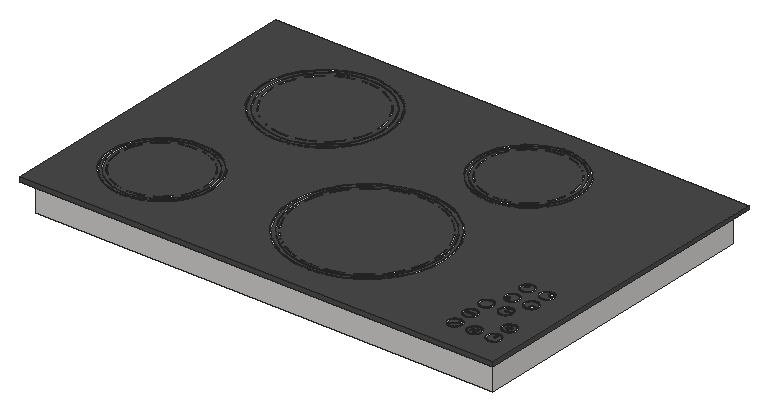
Revit family "QF_Summit_CR4B30T11B_Electric Cooktop", category Specialty Equipment, Revit 2020 (continued)
Automatic sketch dimensions
  Extrusion 1 sketch curve to Extrusion 1 sketch curve = 0.01959"
  Extrusion 1 sketch curve to Extrusion 1 sketch curve = 0.02224"  (x2)
  plane 8 "Center X" to Extrusion 1 sketch curve = 1.81976"
  Extrusion 1 sketch curve to Extrusion 1 sketch curve = 0.36753"
  plane 8 "Center X" to Extrusion 1 sketch curve = 1.84659"
  Extrusion 1 sketch curve to plane 10 = 1.74025"
  Extrusion 1 sketch curve to Extrusion 1 sketch curve = 0.84775"
  Extrusion 1 sketch curve to plane 10 = 1.76931"
  Extrusion 1 sketch curve to Extrusion 1 sketch curve = 0.01149"
  Extrusion 1 sketch curve to plane 10 = 1.59483"
  Extrusion 1 sketch curve to Extrusion 1 sketch curve = 0.45016"
  Extrusion 1 sketch curve to plane 10 = 1.62523"
  Extrusion 1 sketch curve to Extrusion 1 sketch curve = 0.00724"
  plane 8 "Center X" to Extrusion 1 sketch curve = 1.42722"
  Extrusion 1 sketch curve to Extrusion 1 sketch curve = 0.95955"
  plane 8 "Center X" to Extrusion 1 sketch curve = 1.45767"
  plane 8 "Center X" to Extrusion 1 sketch curve = 1.35338"
  Extrusion 1 sketch curve to Extrusion 1 sketch curve = 0.45842"
  plane 8 "Center X" to Extrusion 1 sketch curve = 1.38451"
  Extrusion 1 sketch curve to Extrusion 1 sketch curve = 0.00274"
  Extrusion 1 sketch curve to Extrusion 1 sketch curve = 4.91088"
  Extrusion 1 sketch curve to plane 8 "Center X" = 4.30255"
  Extrusion 1 sketch curve to plane 8 "Center X" = 4.31302"
  Extrusion 1 sketch curve to plane 9 = 2.99021"
  Extrusion 1 sketch curve to plane 9 = 3.00599"
  Extrusion 1 sketch curve to plane 10 = 1.54398"
  Extrusion 1 sketch curve to plane 10 = 1.51282"
  Extrusion 1 sketch curve to plane 9 = 2.60948"
  Extrusion 1 sketch curve to plane 9 = 2.63166"
  Extrusion 1 sketch curve to plane 8 "Center X" = 3.09503"
  Extrusion 1 sketch curve to plane 10 = 1.61592"
  Extrusion 1 sketch curve to Extrusion 1 sketch curve = 0.47751"
  Extrusion 1 sketch curve to plane 8 "Center X" = 3.11723"
  Extrusion 1 sketch curve to plane 10 = 1.58543"
  Extrusion 1 sketch curve to Extrusion 1 sketch curve = 0.00686"
  plane 8 "Center X" to Extrusion 1 sketch curve = 1.45548"
  plane 8 "Center X" to Extrusion 1 sketch curve = 1.42501"
  Extrusion 1 sketch curve to plane 9 = 1.99054"
  Extrusion 1 sketch curve to plane 8 "Center X" = 2.86663"
  Extrusion 1 sketch curve to plane 9 = 2.01757"
  plane 8 "Center X" to Extrusion 1 sketch curve = 1.60258"
  Extrusion 1 sketch curve to Extrusion 1 sketch curve = 0.47812"
  plane 8 "Center X" to Extrusion 1 sketch curve = 1.57348"
  Extrusion 1 sketch curve to Extrusion 1 sketch curve = 0.01139"
  Extrusion 1 sketch curve to plane 9 = 1.78935"
  Extrusion 1 sketch curve to plane 9 = 1.81865"
  Extrusion 1 sketch curve to plane 10 = 1.98322"
  Extrusion 1 sketch curve to plane 10 = 1.95615"
  Extrusion 1 sketch curve to plane 8 "Center X" = 2.50235"
  Extrusion 1 sketch curve to Extrusion 1 sketch curve = 0.89021"
  Extrusion 1 sketch curve to plane 8 "Center X" = 2.53309"
  Extrusion 1 sketch curve to plane 10 = 2.26002"
  Extrusion 1 sketch curve to Extrusion 1 sketch curve = 0.40762"
  Extrusion 1 sketch curve to plane 10 = 2.23777"
  plane 8 "Center X" to Extrusion 1 sketch curve = 2.12024"
  plane 8 "Center X" to Extrusion 1 sketch curve = 2.09802"
  Extrusion 1 sketch curve to Extrusion 1 sketch curve = 0.36422"
  Extrusion 1 sketch curve to Extrusion 1 sketch curve = 0.02212"
  Extrusion 1 sketch curve to plane 10 = 3.00883"
  Extrusion 1 sketch curve to plane 10 = 2.9913"
  Extrusion 1 sketch curve to plane 9 = 1.67947"
  Extrusion 1 sketch curve to plane 9 = 1.64859"
  Extrusion 1 sketch curve to Extrusion 1 sketch curve = 0.24253"
  Extrusion 1 sketch curve to Extrusion 1 sketch curve = 0.55506"
  Extrusion 1 sketch curve to Extrusion 1 sketch curve = 0.02822"
  Extrusion 1 sketch curve to Extrusion 1 sketch curve = 0.18351"
  Extrusion 1 sketch curve to Extrusion 1 sketch curve = 0.02992"
  Extrusion 1 sketch curve to Extrusion 1 sketch curve = 0.29424"
  Extrusion 1 sketch curve to Extrusion 1 sketch curve = 0.03086"
  Extrusion 1 sketch curve to Extrusion 1 sketch curve = 0.04172"
  Extrusion 1 sketch curve to plane 9 = 2.03485"
  Extrusion 1 sketch curve to plane 9 = 2.00802"
  Extrusion 1 sketch curve to Extrusion 1 sketch curve = 0.72622"
  Extrusion 1 sketch curve to Extrusion 1 sketch curve = 0.02404"
  Extrusion 1 sketch curve to Extrusion 1 sketch curve = 0.34485"  (x2)
  Extrusion 1 sketch curve to Extrusion 1 sketch curve = 0.01586"  (x2)
  Extrusion 1 sketch curve to Extrusion 1 sketch curve = 0.40674"
  Extrusion 1 sketch curve to Extrusion 1 sketch curve = 0.01362"
  Extrusion 1 sketch curve to Extrusion 1 sketch curve = 0.42791"  (x2)
  Extrusion 1 sketch curve to Extrusion 1 sketch curve = 0.39788"  (x2)
  Extrusion 1 sketch curve to Extrusion 1 sketch curve = 0.01527"  (x2)
  Extrusion 1 sketch curve to Extrusion 1 sketch curve = 0.37433"
  Extrusion 1 sketch curve to Extrusion 1 sketch curve = 0.23699"
  Extrusion 1 sketch curve to Extrusion 1 sketch curve = 0.02684"
  Extrusion 1 sketch curve to Extrusion 1 sketch curve = 0.47538"
  Extrusion 1 sketch curve to Extrusion 1 sketch curve = 0.01343"
  Extrusion 1 sketch curve to Extrusion 1 sketch curve = 0.19892"
  Extrusion 1 sketch curve to Extrusion 1 sketch curve = 0.0293"
  Extrusion 1 sketch curve to Extrusion 1 sketch curve = 0.02291"
  Extrusion 1 sketch curve to Extrusion 1 sketch curve = 0.03081"
  Extrusion 1 sketch curve to Extrusion 1 sketch curve = 0.34996"
  Extrusion 1 sketch curve to Extrusion 1 sketch curve = 0.02018"
  Extrusion 1 sketch curve to Extrusion 1 sketch curve = 0.39385"
  Extrusion 1 sketch curve to Extrusion 1 sketch curve = 0.01098"
  Extrusion 1 sketch curve to Extrusion 1 sketch curve = 0.07612"
  Extrusion 1 sketch curve to Extrusion 1 sketch curve = 0.17947"
  Extrusion 1 sketch curve to Extrusion 1 sketch curve = 0.02698"
  Extrusion 1 sketch curve to plane 8 "Center X" = 3.08264"
  Extrusion 1 sketch curve to Extrusion 1 sketch curve = 0.16208"  (x4)
  Extrusion 1 sketch curve to Extrusion 1 sketch curve = 0.46305"
  Extrusion 1 sketch curve to Extrusion 1 sketch curve = 1.24685"
  Extrusion 1 sketch curve to Extrusion 1 sketch curve = 0.4319"
  Extrusion 1 sketch curve to Extrusion 1 sketch curve = 0.0106"
  Extrusion 1 sketch curve to Extrusion 1 sketch curve = 0.77965"
  Extrusion 1 sketch curve to Extrusion 1 sketch curve = 0.29161"
  Extrusion 1 sketch curve to Extrusion 1 sketch curve = 0.02705"
  Extrusion 1 sketch curve to Extrusion 1 sketch curve = 1.113"
  Extrusion 1 sketch curve to Extrusion 1 sketch curve = 0.04174"
  Extrusion 1 sketch curve to Extrusion 1 sketch curve = 0.05208"
  Extrusion 1 sketch curve to Extrusion 1 sketch curve = 0.37444"
  Extrusion 1 sketch curve to Extrusion 1 sketch curve = 1.09411"
  Extrusion 1 sketch curve to Extrusion 1 sketch curve = 0.34136"
  Extrusion 1 sketch curve to Extrusion 1 sketch curve = 1.11052"
  Extrusion 1 sketch curve to Extrusion 1 sketch curve = 0.12961"
  Extrusion 1 sketch curve to Extrusion 1 sketch curve = 0.06548"
  Extrusion 1 sketch curve to Extrusion 1 sketch curve = 0.09136"  (x2)
  Extrusion 1 sketch curve to Extrusion 1 sketch curve = 0.11801"
  Extrusion 1 sketch curve to Extrusion 1 sketch curve = 0.1305"
  Extrusion 1 sketch curve to Extrusion 1 sketch curve = 0.24948"
  Extrusion 1 sketch curve to Extrusion 1 sketch curve = 0.02715"
  Extrusion 1 sketch curve to Extrusion 1 sketch curve = 0.20764"
  Extrusion 1 sketch curve to Extrusion 1 sketch curve = 0.02858"
  Extrusion 1 sketch curve to Extrusion 1 sketch curve = 0.71841"
  Extrusion 1 sketch curve to Extrusion 1 sketch curve = 0.10111"
  Extrusion 1 sketch curve to Extrusion 1 sketch curve = 0.13738"
  Extrusion 1 sketch curve to Extrusion 1 sketch curve = 0.03077"
  Extrusion 1 sketch curve to Extrusion 1 sketch curve = 0.04818"
  Extrusion 1 sketch curve to Extrusion 1 sketch curve = 0.30014"
  Extrusion 1 sketch curve to Extrusion 1 sketch curve = 0.18686"
  Extrusion 1 sketch curve to Extrusion 1 sketch curve = 0.01529"
  Extrusion 1 sketch curve to Extrusion 1 sketch curve = 0.03938"
  Extrusion 1 sketch curve to Extrusion 1 sketch curve = 0.12268"
  Extrusion 1 sketch curve to Extrusion 1 sketch curve = 0.12339"
  Extrusion 1 sketch curve to Extrusion 1 sketch curve = 0.17157"
  Extrusion 2 sketch curve to Extrusion 2 sketch curve = 0"  (x5136)
  Extrusion 2 sketch curve to plane 12 = 7.18466"
  Extrusion 2 sketch curve to Extrusion 2 sketch curve = 1/32"  (x13)
  Extrusion 2 sketch curve to Extrusion 2 sketch curve = 0.0089"  (x2)
  Extrusion 2 sketch curve to Extrusion 2 sketch curve = 0.0308"  (x4)
  Extrusion 2 sketch curve to plane 10 = 2.98749"
  Extrusion 2 sketch curve to Extrusion 2 sketch curve = 0.1292"  (x2)
  Extrusion 2 sketch curve to plane 10 = 2.99796"
  Extrusion 2 sketch curve to Extrusion 2 sketch curve = 0.02944"  (x2)
  Extrusion 2 sketch curve to Extrusion 2 sketch curve = 0.16542"  (x2)
  plane 8 "Center X" to Extrusion 2 sketch curve = 4.30527"
  Extrusion 2 sketch curve to Extrusion 2 sketch curve = 0.30898"  (x2)
  Extrusion 2 sketch curve to plane 10 = 2.57411"
  Extrusion 2 sketch curve to Extrusion 2 sketch curve = 0.02725"  (x2)
  plane 8 "Center X" to Extrusion 2 sketch curve = 4.32105"
  Extrusion 2 sketch curve to Extrusion 2 sketch curve = 0.02697"  (x2)
  Extrusion 2 sketch curve to Extrusion 2 sketch curve = 0.24103"  (x2)
  Extrusion 2 sketch curve to Extrusion 2 sketch curve = 0.02218"  (x5)
  Extrusion 2 sketch curve to plane 10 = 1.77997"
  Extrusion 2 sketch curve to Extrusion 2 sketch curve = 0.6225"  (x2)
  Extrusion 2 sketch curve to plane 10 = 1.80217"
  Extrusion 2 sketch curve to Extrusion 2 sketch curve = 0.0222"  (x4)
  plane 7 "Center Y" to Extrusion 2 sketch curve = 6.29159"
  Extrusion 2 sketch curve to Extrusion 2 sketch curve = 0.02973"
  Extrusion 2 sketch curve to Extrusion 2 sketch curve = 0.03104"
  Extrusion 2 sketch curve to plane 8 "Center X" = 2.72216"
  Extrusion 2 sketch curve to Extrusion 2 sketch curve = 0.08627"
  Extrusion 2 sketch curve to plane 8 "Center X" = 2.72933"
  Extrusion 2 sketch curve to plane 10 = 1.52463"
  Extrusion 2 sketch curve to Extrusion 2 sketch curve = 0.34188"  (x2)
  Extrusion 2 sketch curve to Extrusion 2 sketch curve = 0.71347"
  Extrusion 2 sketch curve to plane 10 = 1.55157"
  Extrusion 2 sketch curve to Extrusion 2 sketch curve = 0.01584"  (x2)
  Extrusion 2 sketch curve to Extrusion 2 sketch curve = 0.01567"
  Extrusion 2 sketch curve to Extrusion 2 sketch curve = 0.10949"
  Extrusion 2 sketch curve to plane 9 = 4.36841"
  Extrusion 2 sketch curve to Extrusion 2 sketch curve = 0.21075"
  Extrusion 2 sketch curve to Extrusion 2 sketch curve = 0.02942"
  Extrusion 2 sketch curve to plane 9 = 4.37921"
  Extrusion 2 sketch curve to Extrusion 2 sketch curve = 0.02932"
  Extrusion 2 sketch curve to Extrusion 2 sketch curve = 0.15379"
  Extrusion 2 sketch curve to Extrusion 2 sketch curve = 0.02803"
  Extrusion 2 sketch curve to Extrusion 2 sketch curve = 0.41133"  (x2)
  Extrusion 2 sketch curve to Extrusion 2 sketch curve = 0.01087"  (x2)
  Extrusion 2 sketch curve to plane 8 "Center X" = 1.28747"
  Extrusion 2 sketch curve to Extrusion 2 sketch curve = 0.45394"
  Extrusion 2 sketch curve to plane 8 "Center X" = 1.30481"
  Extrusion 2 sketch curve to Extrusion 2 sketch curve = 0.026"
  Extrusion 2 sketch curve to plane 8 "Center X" = 0.92017"
  Extrusion 2 sketch curve to Extrusion 2 sketch curve = 0.24757"
  Extrusion 2 sketch curve to plane 8 "Center X" = 0.94012"
  Extrusion 2 sketch curve to Extrusion 2 sketch curve = 0.02406"
  Extrusion 2 sketch curve to plane 9 = 3.03767"
  Extrusion 2 sketch curve to Extrusion 2 sketch curve = 0.56594"
  Extrusion 2 sketch curve to plane 9 = 3.05984"
  Extrusion 2 sketch curve to Extrusion 2 sketch curve = 0.02217"
  Extrusion 2 sketch curve to plane 10 = 1.18729"
  Extrusion 2 sketch curve to plane 10 = 1.21803"
  Extrusion 2 sketch curve to Extrusion 2 sketch curve = 0.32279"
  Extrusion 2 sketch curve to Extrusion 2 sketch curve = 0.0221"  (x2)
  Extrusion 2 sketch curve to Extrusion 2 sketch curve = 0.46522"  (x2)
  Extrusion 2 sketch curve to Extrusion 2 sketch curve = 0.94381"  (x2)
  Extrusion 2 sketch curve to plane 8 "Center X" = 0.16273"
  Extrusion 2 sketch curve to Extrusion 2 sketch curve = 0.78474"
  Extrusion 2 sketch curve to plane 8 "Center X" = 0.18511"
  Extrusion 2 sketch curve to Extrusion 2 sketch curve = 0.42951"  (x2)
  Extrusion 2 sketch curve to Extrusion 2 sketch curve = 0.00477"  (x2)
  plane 8 "Center X" to Extrusion 2 sketch curve = 0.06159"
  Extrusion 2 sketch curve to Extrusion 2 sketch curve = 0.31987"
  plane 8 "Center X" to Extrusion 2 sketch curve = 0.03468"
  Extrusion 2 sketch curve to Extrusion 2 sketch curve = 0.0159"
  Extrusion 2 sketch curve to Extrusion 2 sketch curve = 0.81968"
  Extrusion 2 sketch curve to Extrusion 2 sketch curve = 0.01556"
  Extrusion 2 sketch curve to plane 10 = 1.34196"
  Extrusion 2 sketch curve to Extrusion 2 sketch curve = 0.97809"  (x2)
  Extrusion 2 sketch curve to plane 10 = 1.31263"
  Extrusion 2 sketch curve to Extrusion 2 sketch curve = 0.01079"  (x2)
  Extrusion 2 sketch curve to Extrusion 2 sketch curve = 0.39751"
  Extrusion 2 sketch curve to Extrusion 2 sketch curve = 0.01263"
  Extrusion 2 sketch curve to plane 10 = 1.5484"
  Extrusion 2 sketch curve to Extrusion 2 sketch curve = 0.43746"  (x2)
  Extrusion 2 sketch curve to plane 10 = 1.52142"
  Extrusion 2 sketch curve to Extrusion 2 sketch curve = 0.01578"  (x2)
  Extrusion 2 sketch curve to Extrusion 2 sketch curve = 0.98732"
  Extrusion 2 sketch curve to Extrusion 2 sketch curve = 0.01601"
  plane 8 "Center X" to Extrusion 2 sketch curve = 0.49593"
  Extrusion 2 sketch curve to Extrusion 2 sketch curve = 0.98413"
  plane 8 "Center X" to Extrusion 2 sketch curve = 0.46595"
  Extrusion 2 sketch curve to Extrusion 2 sketch curve = 0.33695"  (x2)
  plane 8 "Center X" to Extrusion 2 sketch curve = 0.60379"
  Extrusion 2 sketch curve to Extrusion 2 sketch curve = 0.44632"
  plane 8 "Center X" to Extrusion 2 sketch curve = 0.57304"
  Extrusion 2 sketch curve to Extrusion 2 sketch curve = 0.00558"
  Extrusion 2 sketch curve to Extrusion 2 sketch curve = 1.00236"
  Extrusion 2 sketch curve to Extrusion 2 sketch curve = 0.00544"
  Extrusion 2 sketch curve to plane 10 = 2.16447"
  Extrusion 2 sketch curve to plane 10 = 2 37/256"
  Extrusion 2 sketch curve to Extrusion 2 sketch curve = 0.25346"  (x2)
  Extrusion 2 sketch curve to Extrusion 2 sketch curve = 0.02693"  (x2)
  Extrusion 2 sketch curve to Extrusion 2 sketch curve = 0.65171"  (x2)
  Extrusion 2 sketch curve to Extrusion 2 sketch curve = 0.02726"  (x2)
  Extrusion 2 sketch curve to Extrusion 2 sketch curve = 0.44241"
  Extrusion 2 sketch curve to Extrusion 2 sketch curve = 0.18281"  (x2)
  Extrusion 2 sketch curve to Extrusion 2 sketch curve = 0.02935"  (x2)
  Extrusion 2 sketch curve to Extrusion 2 sketch curve = 0.3401"  (x2)
  Extrusion 2 sketch curve to Extrusion 2 sketch curve = 0.03919"  (x2)
  plane 8 "Center X" to Extrusion 2 sketch curve = 0.63504"
  plane 8 "Center X" to Extrusion 2 sketch curve = 0.66623"
  Extrusion 2 sketch curve to Extrusion 2 sketch curve = 0.4638"
  Extrusion 2 sketch curve to Extrusion 2 sketch curve = 0.00525"
  Extrusion 2 sketch curve to Extrusion 2 sketch curve = 1.07961"
  Extrusion 2 sketch curve to Extrusion 2 sketch curve = 0.00543"
  Extrusion 2 sketch curve to Extrusion 2 sketch curve = 0.43933"
  Extrusion 2 sketch curve to Extrusion 2 sketch curve = 0.00857"
  plane 7 "Center Y" to Extrusion 2 sketch curve = 0.13255"
  Extrusion 2 sketch curve to Extrusion 2 sketch curve = 0.0125"
  Extrusion 2 sketch curve to plane 7 "Center Y" = 0.28446"
  Extrusion 2 sketch curve to Extrusion 2 sketch curve = 0.01548"
  plane 8 "Center X" to Extrusion 2 sketch curve = 0.05864"
  Extrusion 2 sketch curve to plane 7 "Center Y" = 0.30208"
  plane 8 "Center X" to Extrusion 2 sketch curve = 0.08571"
  Extrusion 2 sketch curve to Extrusion 2 sketch curve = 1/64"
  Extrusion 2 sketch curve to Extrusion 2 sketch curve = 0.38837"
  Extrusion 2 sketch curve to Extrusion 2 sketch curve = 0.01825"
  Extrusion 2 sketch curve to plane 8 "Center X" = 0.55957"
  Extrusion 2 sketch curve to plane 8 "Center X" = 0.53747"
  Extrusion 2 sketch curve to Extrusion 2 sketch curve = 0.3285"
  Extrusion 2 sketch curve to Extrusion 2 sketch curve = 0.79082"
  Extrusion 2 sketch curve to Extrusion 2 sketch curve = 0.02386"
  Extrusion 2 sketch curve to Extrusion 2 sketch curve = 0.28259"
  Extrusion 2 sketch curve to Extrusion 2 sketch curve = 0.02592"
  Extrusion 2 sketch curve to Extrusion 2 sketch curve = 0.58002"
  Extrusion 2 sketch curve to Extrusion 2 sketch curve = 0.02801"
  Extrusion 2 sketch curve to Extrusion 2 sketch curve = 0.17561"
  Extrusion 2 sketch curve to Extrusion 2 sketch curve = 0.48756"
  Extrusion 2 sketch curve to Extrusion 2 sketch curve = 0.02926"
  Extrusion 2 sketch curve to Extrusion 2 sketch curve = 0.0294"
  Extrusion 2 sketch curve to Extrusion 2 sketch curve = 0.13097"
  Extrusion 2 sketch curve to Extrusion 2 sketch curve = 0.03033"
  Extrusion 2 sketch curve to Extrusion 2 sketch curve = 0.25109"
  Extrusion 2 sketch curve to Extrusion 2 sketch curve = 0.02761"
  Extrusion 2 sketch curve to Extrusion 2 sketch curve = 0.03105"
  Extrusion 2 sketch curve to plane 7 "Center Y" = 4.20093"
  Extrusion 2 sketch curve to Extrusion 2 sketch curve = 0.00099"
  Extrusion 2 sketch curve to Extrusion 2 sketch curve = 0.03095"
  Extrusion 2 sketch curve to plane 10 = 3.87004"
  Extrusion 2 sketch curve to Extrusion 2 sketch curve = 0.12693"
  Extrusion 2 sketch curve to plane 10 = 3.87947"
  Extrusion 2 sketch curve to Extrusion 2 sketch curve = 0.13776"
  plane 8 "Center X" to Extrusion 2 sketch curve = 3.25372"
  Extrusion 2 sketch curve to Extrusion 2 sketch curve = 0.27568"
  Extrusion 2 sketch curve to Extrusion 2 sketch curve = 0.02825"
  plane 8 "Center X" to Extrusion 2 sketch curve = 3.26734"
  Extrusion 2 sketch curve to Extrusion 2 sketch curve = 0.02813"  (x2)
  Extrusion 2 sketch curve to Extrusion 2 sketch curve = 0.20578"
  Extrusion 2 sketch curve to Extrusion 2 sketch curve = 0.02597"
  Extrusion 2 sketch curve to plane 10 = 2.58067"
  Extrusion 2 sketch curve to Extrusion 2 sketch curve = 0.55728"
  Extrusion 2 sketch curve to plane 10 = 2.60278"
  Extrusion 2 sketch curve to Extrusion 2 sketch curve = 0.02211"
  plane 8 "Center X" to Extrusion 2 sketch curve = 2.08907"
  Extrusion 2 sketch curve to Extrusion 2 sketch curve = 0.66686"
  Extrusion 2 sketch curve to Extrusion 2 sketch curve = 0.3406"
  plane 8 "Center X" to Extrusion 2 sketch curve = 2.11342"
  Extrusion 2 sketch curve to Extrusion 2 sketch curve = 0.01959"
  Extrusion 2 sketch curve to Extrusion 2 sketch curve = 0.02224"  (x2)
  plane 8 "Center X" to Extrusion 2 sketch curve = 1.81976"
  Extrusion 2 sketch curve to Extrusion 2 sketch curve = 0.36753"
  plane 8 "Center X" to Extrusion 2 sketch curve = 1.84659"
  Extrusion 2 sketch curve to Extrusion 2 sketch curve = 0.01602"
  Extrusion 2 sketch curve to plane 10 = 1.74025"
  Extrusion 2 sketch curve to Extrusion 2 sketch curve = 0.84775"
  Extrusion 2 sketch curve to plane 10 = 1.76931"
  Extrusion 2 sketch curve to Extrusion 2 sketch curve = 0.01149"
  Extrusion 2 sketch curve to plane 10 = 1.59483"
  Extrusion 2 sketch curve to Extrusion 2 sketch curve = 0.45016"
  Extrusion 2 sketch curve to plane 10 = 1.62523"
  Extrusion 2 sketch curve to Extrusion 2 sketch curve = 0.00724"
  plane 8 "Center X" to Extrusion 2 sketch curve = 1.42722"
  Extrusion 2 sketch curve to Extrusion 2 sketch curve = 0.95955"
  plane 8 "Center X" to Extrusion 2 sketch curve = 1.45767"
  plane 8 "Center X" to Extrusion 2 sketch curve = 1.35338"
  Extrusion 2 sketch curve to Extrusion 2 sketch curve = 0.45842"
  plane 8 "Center X" to Extrusion 2 sketch curve = 1.38451"
  Extrusion 2 sketch curve to Extrusion 2 sketch curve = 0.00274"
  Extrusion 2 sketch curve to Extrusion 2 sketch curve = 4.91088"
  Extrusion 2 sketch curve to plane 9 = 3.92127"
  Extrusion 2 sketch curve to plane 8 "Center X" = 4.30255"
  Extrusion 2 sketch curve to plane 8 "Center X" = 4.31302"
  Extrusion 2 sketch curve to plane 9 = 2.99021"
  Extrusion 2 sketch curve to plane 9 = 3.00599"
  Extrusion 2 sketch curve to plane 10 = 1.54398"
  Extrusion 2 sketch curve to plane 10 = 1.51282"
  Extrusion 2 sketch curve to plane 9 = 2.60948"
  Extrusion 2 sketch curve to plane 9 = 2.63166"
  Extrusion 2 sketch curve to plane 8 "Center X" = 3.09503"
  Extrusion 2 sketch curve to plane 10 = 1.61592"
  Extrusion 2 sketch curve to Extrusion 2 sketch curve = 0.47751"
  Extrusion 2 sketch curve to plane 8 "Center X" = 3.11723"
  Extrusion 2 sketch curve to plane 10 = 1.58543"
  Extrusion 2 sketch curve to Extrusion 2 sketch curve = 0.00686"
  plane 8 "Center X" to Extrusion 2 sketch curve = 1.45548"
  plane 8 "Center X" to Extrusion 2 sketch curve = 1.42501"
  Extrusion 2 sketch curve to plane 8 "Center X" = 2.83969"
  Extrusion 2 sketch curve to plane 9 = 1.99054"
  Extrusion 2 sketch curve to plane 8 "Center X" = 2.86663"
  Extrusion 2 sketch curve to plane 9 = 2.01757"
  plane 8 "Center X" to Extrusion 2 sketch curve = 1.60258"
  Extrusion 2 sketch curve to Extrusion 2 sketch curve = 0.47812"
  plane 8 "Center X" to Extrusion 2 sketch curve = 1.57348"
  Extrusion 2 sketch curve to Extrusion 2 sketch curve = 0.01139"
  Extrusion 2 sketch curve to plane 9 = 1.78935"
  Extrusion 2 sketch curve to plane 9 = 1.81865"
  Extrusion 2 sketch curve to plane 10 = 1.98322"
  Extrusion 2 sketch curve to plane 10 = 1.95615"
  Extrusion 2 sketch curve to plane 8 "Center X" = 2.50235"
  Extrusion 2 sketch curve to plane 8 "Center X" = 2.53309"
  Extrusion 2 sketch curve to plane 10 = 2.26002"
  Extrusion 2 sketch curve to Extrusion 2 sketch curve = 0.40762"
  Extrusion 2 sketch curve to plane 10 = 2.23777"
  plane 8 "Center X" to Extrusion 2 sketch curve = 2.12024"
  plane 8 "Center X" to Extrusion 2 sketch curve = 2.09802"
  Extrusion 2 sketch curve to Extrusion 2 sketch curve = 0.36422"
  Extrusion 2 sketch curve to Extrusion 2 sketch curve = 0.02212"
  Extrusion 2 sketch curve to plane 10 = 3.00883"
  Extrusion 2 sketch curve to plane 10 = 2.9913"
  Extrusion 2 sketch curve to plane 9 = 1.67947"
  Extrusion 2 sketch curve to plane 9 = 1.64859"
  Extrusion 2 sketch curve to Extrusion 2 sketch curve = 0.24253"
  Extrusion 2 sketch curve to Extrusion 2 sketch curve = 0.55506"
  Extrusion 2 sketch curve to Extrusion 2 sketch curve = 0.02822"
  Extrusion 2 sketch curve to Extrusion 2 sketch curve = 0.18351"
  Extrusion 2 sketch curve to Extrusion 2 sketch curve = 0.02992"
  Extrusion 2 sketch curve to Extrusion 2 sketch curve = 0.29424"
  Extrusion 2 sketch curve to Extrusion 2 sketch curve = 0.03086"
  Extrusion 2 sketch curve to Extrusion 2 sketch curve = 0.04172"
  Extrusion 2 sketch curve to plane 9 = 2.03485"
  Extrusion 2 sketch curve to plane 9 = 2.00802"
  Extrusion 2 sketch curve to Extrusion 2 sketch curve = 0.72622"
  Extrusion 2 sketch curve to Extrusion 2 sketch curve = 0.02404"
  Extrusion 2 sketch curve to Extrusion 2 sketch curve = 0.34485"  (x2)
  Extrusion 2 sketch curve to Extrusion 2 sketch curve = 0.01586"  (x2)
  Extrusion 2 sketch curve to Extrusion 2 sketch curve = 0.40674"
  Extrusion 2 sketch curve to Extrusion 2 sketch curve = 0.01362"
  Extrusion 2 sketch curve to Extrusion 2 sketch curve = 0.03564"  (x2)
  Extrusion 2 sketch curve to Extrusion 2 sketch curve = 0.39788"  (x2)
  Extrusion 2 sketch curve to Extrusion 2 sketch curve = 0.01527"  (x2)
  Extrusion 2 sketch curve to Extrusion 2 sketch curve = 0.37433"
  Extrusion 2 sketch curve to Extrusion 2 sketch curve = 0.23699"
  Extrusion 2 sketch curve to Extrusion 2 sketch curve = 0.02684"
  Extrusion 2 sketch curve to Extrusion 2 sketch curve = 0.47538"
  Extrusion 2 sketch curve to Extrusion 2 sketch curve = 0.01343"
  Extrusion 2 sketch curve to Extrusion 2 sketch curve = 0.19892"
  Extrusion 2 sketch curve to Extrusion 2 sketch curve = 0.0293"
  Extrusion 2 sketch curve to Extrusion 2 sketch curve = 0.02291"
  Extrusion 2 sketch curve to Extrusion 2 sketch curve = 0.03081"
  Extrusion 2 sketch curve to Extrusion 2 sketch curve = 0.34996"
  Extrusion 2 sketch curve to Extrusion 2 sketch curve = 0.02018"
  Extrusion 2 sketch curve to Extrusion 2 sketch curve = 0.39385"
  Extrusion 2 sketch curve to Extrusion 2 sketch curve = 0.01098"
  Extrusion 2 sketch curve to Extrusion 2 sketch curve = 0.07612"
  Extrusion 2 sketch curve to Extrusion 2 sketch curve = 0.17947"
  Extrusion 2 sketch curve to Extrusion 2 sketch curve = 0.02698"
  Extrusion 2 sketch curve to Extrusion 2 sketch curve = 0.02865"
  Extrusion 2 sketch curve to Extrusion 2 sketch curve = 0.4319"
  Extrusion 2 sketch curve to Extrusion 2 sketch curve = 0.0106"
  Extrusion 2 sketch curve to Extrusion 2 sketch curve = 0.37444"
  Extrusion 2 sketch curve to Extrusion 2 sketch curve = 0.34136"
  Extrusion 2 sketch curve to Extrusion 2 sketch curve = 0.24948"
  Extrusion 2 sketch curve to Extrusion 2 sketch curve = 0.02715"
  Extrusion 2 sketch curve to Extrusion 2 sketch curve = 0.20764"
  Extrusion 2 sketch curve to Extrusion 2 sketch curve = 0.02858"
  Extrusion 2 sketch curve to Extrusion 2 sketch curve = 0.10111"
  Extrusion 2 sketch curve to Extrusion 2 sketch curve = 0.03077"
  Extrusion 2 sketch curve to Extrusion 2 sketch curve = 0.21195"
  Extrusion 2 sketch curve to Extrusion 2 sketch curve = 0.16832"  (x2)
  Extrusion 2 sketch curve to Extrusion 2 sketch curve = 1/16"  (x4)
  Extrusion 2 sketch curve to Extrusion 2 sketch curve = 0.46699"
  Extrusion 2 sketch curve to Extrusion 2 sketch curve = 0.19515"
  Extrusion 2 sketch curve to Extrusion 2 sketch curve = 0.60897"
  Extrusion 2 sketch curve to Extrusion 2 sketch curve = 0.2497"
  Extrusion 2 sketch curve to Extrusion 2 sketch curve = 0.47402"
  Extrusion 3 sketch curve to Extrusion 5 = 0"  (x3)
  Extrusion 5 to Extrusion 3 sketch curve = 0"
  Extrusion 4 sketch curve to plane 10 = 0.36025"
  Extrusion 4 sketch curve to plane 12 = 1.74986"
  Extrusion 5 sketch curve to plane 10 = 0"
  Extrusion 5 sketch curve to plane 12 = 0"
  Extrusion 5 sketch curve to plane 11 = 0"
  plane 9 to Extrusion 5 sketch curve = 0"
  Extrusion 5 sketch curve to plane 12 = 1/16"
  Extrusion 5 sketch curve to plane 11 = 1/16"
  Extrusion 5 sketch curve to plane 10 = 1/16"
  Extrusion 5 sketch curve to plane 9 = 1/16"
  Extrusion 6 sketch curve to plane 12 = 3.00878"
  Extrusion 6 sketch curve to plane 8 "Center X" = 3.08264"
  Extrusion 6 sketch curve to Extrusion 6 sketch curve = 0.13534"  (x4)
  Extrusion 6 sketch curve to Extrusion 6 sketch curve = 0.02572"
  Extrusion 6 sketch curve to Extrusion 6 sketch curve = 0.16208"  (x4)
  Extrusion 6 sketch curve to Extrusion 6 sketch curve = 0.39744"  (x5)
  Extrusion 6 sketch curve to Extrusion 6 sketch curve = 0"  (x28)
  Extrusion 6 sketch curve to Extrusion 6 sketch curve = 1/32"  (x10)
  Extrusion 6 sketch curve to Extrusion 6 sketch curve = 0.80729"  (x2)
  Extrusion 6 sketch curve to Extrusion 6 sketch curve = 0.3786"
  Extrusion 6 sketch curve to Extrusion 6 sketch curve = 0.16105"  (x3)
  Extrusion 6 sketch curve to Extrusion 6 sketch curve = 1.24685"
  Extrusion 6 sketch curve to Extrusion 6 sketch curve = 0.42869"  (x4)
  Extrusion 6 sketch curve to Extrusion 6 sketch curve = 0.3264"
  Extrusion 6 sketch curve to Extrusion 6 sketch curve = 1.113"
  Extrusion 6 sketch curve to Extrusion 6 sketch curve = 0.36619"
  Extrusion 6 sketch curve to Extrusion 6 sketch curve = 1/16"
  Extrusion 6 sketch curve to Extrusion 6 sketch curve = 0.82131"
  Extrusion 6 sketch curve to Extrusion 6 sketch curve = 0.07005"
  Extrusion 6 sketch curve to Extrusion 6 sketch curve = 0.01824"
  Extrusion 6 sketch curve to Extrusion 6 sketch curve = 0.0358"
  Extrusion 6 sketch curve to Extrusion 6 sketch curve = 0.05129"
  Extrusion 6 sketch curve to Extrusion 6 sketch curve = 0.33335"
  Extrusion 6 sketch curve to Extrusion 6 sketch curve = 0.04174"
  Extrusion 6 sketch curve to Extrusion 6 sketch curve = 0.0147"
  Extrusion 6 sketch curve to Extrusion 6 sketch curve = 0.05208"
  Extrusion 6 sketch curve to Extrusion 6 sketch curve = 0.01869"
  Extrusion 6 sketch curve to Extrusion 6 sketch curve = 1.25306"  (x2)
  Extrusion 6 sketch curve to Extrusion 6 sketch curve = 0.15738"
  Extrusion 6 sketch curve to Extrusion 6 sketch curve = 0.1609"
  Extrusion 6 sketch curve to Extrusion 6 sketch curve = 0.06548"
  Extrusion 6 sketch curve to Extrusion 6 sketch curve = 0.11801"
  Extrusion 6 sketch curve to plane 12 = 0.9892"
  Extrusion 6 sketch curve to Extrusion 6 sketch curve = 0.16757"
  Extrusion 6 sketch curve to Extrusion 6 sketch curve = 0.12006"  (x2)
  Extrusion 6 sketch curve to Extrusion 6 sketch curve = 0.04007"  (x2)
  Extrusion 6 sketch curve to Extrusion 6 sketch curve = 0.12817"
  Extrusion 6 sketch curve to Extrusion 6 sketch curve = 0.17364"
  Extrusion 6 sketch curve to Extrusion 6 sketch curve = 0.04403"  (x3)
  Extrusion 6 sketch curve to Extrusion 6 sketch curve = 0.09136"  (x2)
  Extrusion 6 sketch curve to Extrusion 6 sketch curve = 0.1305"
  Extrusion 6 sketch curve to Extrusion 6 sketch curve = 0.23409"
  Extrusion 6 sketch curve to Extrusion 6 sketch curve = 1.18323"
  Extrusion 6 sketch curve to Extrusion 6 sketch curve = 0.18951"
  Extrusion 6 sketch curve to plane 9 = 1.49221"
  Extrusion 6 sketch curve to Extrusion 6 sketch curve = 0.02402"
  Extrusion 6 sketch curve to plane 9 = 1.53624"
  Extrusion 6 sketch curve to plane 9 = 1.13038"
  Extrusion 6 sketch curve to Extrusion 6 sketch curve = 0.19633"
  Extrusion 6 sketch curve to Extrusion 6 sketch curve = 0.82629"
  Extrusion 6 sketch curve to Extrusion 6 sketch curve = 0.01602"
  Extrusion 6 sketch curve to Extrusion 6 sketch curve = 0.16327"
  Extrusion 6 sketch curve to Extrusion 6 sketch curve = 0.15397"
  Extrusion 6 sketch curve to Extrusion 6 sketch curve = 0.01529"
  Extrusion 6 sketch curve to Extrusion 6 sketch curve = 0.12339"
  Extrusion 6 sketch curve to Extrusion 6 sketch curve = 0.15474"
  Extrusion 6 sketch curve to Extrusion 6 sketch curve = 0.12861"
  Extrusion 6 sketch curve to Extrusion 6 sketch curve = 0.18686"
  Extrusion 6 sketch curve to Extrusion 6 sketch curve = 0.17157"
  Extrusion 6 sketch curve to Extrusion 6 sketch curve = 0.80162"
  Extrusion 6 sketch curve to Extrusion 6 sketch curve = 0.06351"
  Extrusion 6 sketch curve to Extrusion 6 sketch curve = 0.10205"
  Extrusion 6 sketch curve to Extrusion 6 sketch curve = 0.33952"
  Extrusion 6 sketch curve to Extrusion 6 sketch curve = 0.03938"
  curve 257 to plane 12 = 2.84773"
  curve 257 to plane 8 "Center X" = 3.24472"
  curve 256 to curve 256 = 0.42869"
  curve 256 to curve 258 = 0"  (x2)
  curve 256 to curve 258 = 1/32"
  curve 260 to curve 256 = 0.16105"
  curve 256 to curve 261 = 0.16208"
  curve 261 to curve 260 = 0.13534"
  curve 256 to curve 263 = 0.80729"
  curve 256 to curve 262 = 0"
  curve 256 to curve 262 = 0.3786"
  curve 262 to curve 264 = 0"  (x2)
  curve 262 to curve 265 = 1/32"
  curve 262 to curve 267 = 0.16105"
  curve 262 to curve 267 = 0.16208"
  curve 267 to curve 266 = 0.13534"
  curve 269 to curve 256 = 0"
  curve 268 to curve 256 = 1.24685"
  curve 269 to curve 268 = 0.42869"
  curve 268 to curve 270 = 0"  (x2)
  curve 268 to curve 270 = 1/32"
  curve 273 to curve 268 = 0.16105"
  curve 273 to curve 268 = 0.16208"
  curve 272 to curve 272 = 0.13534"
  curve 268 to curve 275 = 0.80729"
  curve 268 to curve 274 = 0"
  curve 268 to curve 275 = 0.3786"
  curve 274 to curve 276 = 0"  (x2)
  curve 274 to curve 276 = 1/32"
  curve 274 to curve 279 = 0.16105"
  curve 279 to curve 274 = 0.16208"
  curve 279 to curve 278 = 0.13534"
  curve 281 to curve 278 = 0.63448"
  curve 280 to curve 278 = 1.113"
  curve 281 to curve 280 = 0.42869"
  curve 280 to curve 282 = 0"  (x2)
  curve 280 to curve 283 = 1/32"
  curve 287 to curve 280 = 0.05129"
  curve 285 to curve 280 = 0.01757"
  curve 280 to curve 284 = 0.01824"
  curve 284 to curve 282 = 0.07005"
  curve 287 to curve 280 = 0.05208"
  curve 282 to curve 287 = 0.0147"
  curve 280 to curve 284 = 0.04174"
  curve 284 to curve 285 = 0.29161"
  curve 289 to curve 280 = 0.82131"
  curve 288 to curve 280 = 0"
  curve 288 to curve 288 = 0.42869"
  curve 288 to curve 290 = 0"  (x2)
  curve 288 to curve 290 = 1/16"
  curve 292 to curve 288 = 0.01869"
  curve 293 to curve 288 = 1.25306"
  curve 292 to curve 292 = 0.42869"
  curve 292 to curve 294 = 0"  (x2)
  curve 292 to curve 294 = 1/32"
  curve 294 to curve 296 = 0.1609"
  curve 299 to curve 294 = 0.15738"
  curve 299 to curve 294 = 0.05254"
  curve 298 to curve 296 = 0.11801"
  curve 301 to plane 12 = 0.9892"
  curve 300 to curve 280 = 1.25306"
  curve 300 to curve 300 = 0.42869"
  curve 300 to curve 302 = 0"  (x2)
  curve 300 to curve 303 = 1/32"
  curve 306 to curve 300 = 0.16824"
  curve 306 to curve 300 = 0.04007"
  curve 315 to curve 300 = 0.04007"
  curve 314 to curve 314 = 0.08758"
  curve 300 to curve 309 = 0.04752"
  curve 309 to curve 310 = 0.12006"
  curve 308 to curve 300 = 0.17783"
  curve 310 to curve 300 = 0.04733"
  curve 307 to curve 300 = 0.04733"
  curve 310 to curve 311 = 0.09136"
  curve 300 to curve 304 = 0.04403"
  curve 304 to curve 314 = 0.12961"
  curve 317 to plane 12 = 1.00635"
  curve 317 to curve 307 = 1.05794"
  curve 316 to curve 316 = 0.42869"
  curve 316 to curve 318 = 0"  (x2)
  curve 316 to curve 318 = 1/32"
  curve 322 to curve 316 = 0.03854"
  curve 321 to curve 321 = 0.10205"
  curve 316 to curve 323 = 0.03938"
  curve 322 to curve 321 = 0.30014"
  curve 325 to curve 316 = 0.80162"
  curve 325 to curve 316 = 0"
  curve 325 to curve 324 = 0.42869"
  curve 324 to curve 326 = 0"  (x2)
  curve 324 to curve 327 = 1/32"
  curve 326 to curve 329 = 0.16327"
  curve 324 to curve 330 = 0.01602"
  curve 329 to curve 326 = 0.12339"
  curve 324 to curve 330 = 0.01529"
  curve 326 to curve 329 = 0.15397"
  curve 324 to curve 332 = 0.04215"
  curve 331 to curve 333 = 0.12861"
  curve 333 to curve 324 = 0.17157"
  curve 328 to curve 333 = 0.18686"
  curve 335 to curve 324 = 0.82629"
  curve 335 to curve 324 = 0"
  curve 336 to curve 335 = 0.42869"
  curve 335 to curve 337 = 0"  (x2)
  curve 335 to curve 338 = 1/32"
  curve 341 to plane 9 = 1.17441"
  curve 338 to curve 341 = 0.15708"
  curve 339 to plane 9 = 1.13038"
  curve 341 to curve 339 = 0.04403"
  curve 341 to plane 9 = 1.53624"
  curve 339 to plane 9 = 1.49221"
  curve 341 to curve 340 = 0.06805"
  radius of Extrusion 1 sketch curve = 4"
  radius of Extrusion 1 sketch curve = 3 15/16"
  radius of Extrusion 1 sketch curve = 3.6878"
  radius of Extrusion 1 sketch curve = 3.65655"
  radius of Extrusion 1 sketch curve = 3 1/4"  (x2)
  radius of Extrusion 1 sketch curve = 3 3/16"  (x2)
  radius of Extrusion 1 sketch curve = 3.01918"  (x2)
  radius of Extrusion 1 sketch curve = 2.98793"  (x2)
  radius of Extrusion 1 sketch curve = 4 7/8"
  radius of Extrusion 1 sketch curve = 4 13/16"
  radius of Extrusion 1 sketch curve = 4.60317"
  radius of Extrusion 1 sketch curve = 4.57192"
  radius of Extrusion 1 sketch curve = 0.42869"  (x11)
  radius of Extrusion 1 sketch curve = 0.39744"  (x10)
  radius of Extrusion 1 sketch curve = 0.13534"  (x4)
  radius of Extrusion 1 sketch curve = 0.36619"
  radius of Extrusion 4 sketch curve = 1/8"
Connectors (in)
  electrical at (28.00014, -0.98525, -1), driven by "Volts", driven by "Watts"
    settings: on Extrusion 4, index 1, voltage 240 V, apparent load 6000 VA, apparent load phase1 0 VA, apparent load phase2 0 VA, apparent load phase3 0 VA, power factor 1, load classification "Other", number of poles 1, system type 30, power factor state 1, is connector primary yes, connector utility no, sub classification motor no, connector description "Electrical Connection"
